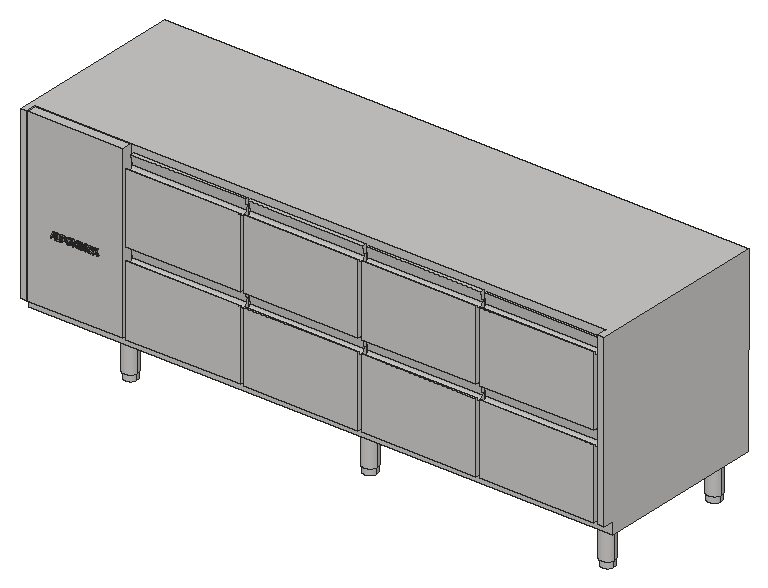
Revit family "QF_ALPENINOX_712086_AH4H7BBBB", category Specialty Equipment, Revit 2018
Family settings
  Round Connector Dimension = Use Diameter
  Part Type = Normal
  Work Plane-Based = No
  Always vertical = Yes
  Cut with Voids When Loaded = No
  Shared = No
  Room Calculation Point = No
Parameters
  Weight = 0.00 kg
  Watts = 0.0232258 W
  Volts = 220 V
  URL Manufacturer = "http://www.alpeninox.com/"
  URL = "http://www.alpeninox.com/"
  Steam Supply Size = 0 mm
  Steam Supply Minimum Pressure = 0.0 Pa
  Steam Supply Maximum Pressure = 0.0 Pa
  Steam Pounds per Hour = 0
  Show Logo [instance] = yes
  Show Clearance [instance] = yes
  Refrigeration Suction Line Size = 0 mm
  Refrigeration Liquid Line Size = 0 mm
  Refrigerant Compressor Remote = yes
  Manufacturer = "Alpeninox"
  Phase = 1
  Model = "AH4H7BBBB"
  Length Actual = 2249 mm  # constant formula
  Item Number = "712086"
  Hot Water Size = 0 mm
  Height Actual = 850 mm  # constant formula
  HP = "0.3 HP"
  Gas Size = 0 mm
  Gas KW = 0
  Gas Input Pressure = 0 W
  Description = "8 DRAWERS REFR.TABLE 590L-NO TOP"
  Depth Actual = 700 mm  # constant formula
  Cycle = 50 Hz
  Condensate Return Size = 0 mm
  Compressed Air Volume = 0.0 L/s
  Compressed Air Size = 0 mm
  Compressed Air Pressure = 0.0 Pa
  Cold Water Size = 0 mm
  Accessory = yes
Reference planes
  plane 1 "Center X": y = 182.5
  plane 2: z = 0
  plane 3 "Center Y": x = -580.5
  plane 4: y = -62.5
  plane 5: y = 451.5
  plane 6 "BACK": y = 532.5
  plane 7 "FRONT": y = -167.5
  plane 8: x = -1360
  plane 9: x = 478
  plane 10: z = 150
  plane 11 "TOP": z = 900
  plane 12: z = 850
  plane 13 "LEFT": x = -1705
  plane 14 "RIGHT": x = 544
  plane 15: x = -437
Forms (mm)
  Extrusion 1, solid, material "QF_Finishes_Stainless Steel"
    sketch origin (-580.5, 2, 0) x (0, 1, 0) y (0, 0, 1)
      loop
        line (530.5, 150) -> (530.5, 850) -> (-124.5, 850) -> (-124.5, 150) -> (530.5, 150)
    from -1124.5 to 1124.5
  Extrusion 2, solid, material "QF_Finishes_Stainless Steel"
    sketch origin (-1022.223, -1524, 150) x (-1, 0, 0) y (0, -1, 0)
      loop
        line (682.777, -1361.5) -> (657.777, -1361.5) -> (657.777, -1401.5) -> (682.777, -1401.5) -> (682.777, -1361.5)
      loop
        line (-1566.223, -1401.5) -> (-1541.223, -1401.5) -> (-1541.223, -1361.5) -> (-1566.223, -1361.5) -> (-1566.223, -1401.5)
    from 47 to 700
  Extrusion 3, solid, material "QF_Finishes_Stainless Steel"
    sketch origin (0, 0, 900) x (-1, 0, 0) y (0, -1, 0)
      loop
        circle (-57, -94.5) r 8.45
      loop
        circle (851, -94.5) r 8.45
    from -790.577 to -750
  Extrusion 4, solid, material "QF_Finishes_Stainless Steel"
    sketch origin (0, 0, 0) x (1, 0, 0) y (0, 1, 0)
      loop
        circle (-1621, 451.5) r 4
    from 109.423 to 150
Cuts and joins
  joined: Extrusion 1, Extrusion 2
Lines and regions (mm)
  symbolic lines, style "SpecialityEquipmentHiddenLines"
    curve 1: line (-1705, -122.5, 900) -> (544, -122.5, 900)
    curve 2: line (-1304, -162.5, 900) -> (-1304, -122.5, 900)
    curve 3: line (-1705, 532.5, 900) -> (544, 532.5, 900)
    curve 4: line (-1705, 532.5, 900) -> (-1705, -162.5, 900)
    curve 5: line (-1705, -162.5, 900) -> (544, -162.5, 900)
    curve 6: line (544, -162.5, 900) -> (544, 532.5, 900)
Dimensions and locks
  locked: plane 6 "BACK" to plane 7 "FRONT" at 700
  equal spacing: plane 6 "BACK", plane 1 "Center X", plane 7 "FRONT"
  locked: plane 6 "BACK" to plane 5 at 81
  plane 10 to level = 150 mm
  plane 11 "TOP" to plane 12 to plane 10 = 50 mm locked, 700 mm locked
  locked: Extrusion 2 sketch curve to Extrusion 2 sketch curve at 25  (x2)
  locked: plane 4 to plane 7 "FRONT" at 105
  locked: plane 6 "BACK" to Extrusion 3 sketch curve at 438  (x2)
  equal spacing: plane 13 "LEFT", plane 3 "Center Y", plane 14 "RIGHT"
  plane 13 "LEFT" to plane 14 "RIGHT" = 2249 mm
  locked: plane 13 "LEFT" to plane 8 at 345
  plane 15 to plane 9 to plane 14 "RIGHT" = 915 mm locked, 66 mm locked
  Extrusion 3 sketch curve to Extrusion 3 sketch curve to plane 14 "RIGHT" = 908 mm locked, 487 mm locked
  plane 13 "LEFT" to Extrusion 4 sketch curve = 84 mm
  locked: plane 6 "BACK" to Extrusion 4 sketch curve at 81
  locked: plane 10 to Extrusion 4 at 40.577
  aligned and locked: level to plane 2
  aligned and locked: plane 10 to Extrusion 3
  aligned and locked: nested 4 to plane 4
  aligned and locked: nested 1 to plane 4
  aligned and locked: nested 3 to plane 5
  aligned and locked: nested 2 to plane 5
  aligned and locked: plane 8 to nested 1
  aligned and locked: plane 8 to nested 2
  aligned and locked: plane 9 to nested 4
  aligned and locked: plane 9 to nested 3
  aligned and locked: Extrusion 1 to Extrusion 2
  aligned and locked: Extrusion 2 to Extrusion 1
  aligned and locked: Extrusion 2 sketch curve to plane 14 "RIGHT"
  aligned and locked: plane 13 "LEFT" to Extrusion 2 sketch curve
  aligned and locked: cut or joined group of Extrusion 1, Extrusion 2 to plane 10
  aligned and locked: plane 12 to cut or joined group of Extrusion 1, Extrusion 2
  aligned and locked: plane 10 to Extrusion 4
  aligned and locked: plane 15 to nested 11
  aligned and locked: plane 15 to nested 12
Automatic sketch dimensions
  plane 7 "FRONT" to Extrusion 2 sketch curve = 45 mm  (x2)
  plane 7 "FRONT" to Extrusion 2 sketch curve = 5 mm  (x2)
  curve 6 to plane 6 "BACK" = 0 mm
  curve 6 to plane 14 "RIGHT" = 0 mm
  plane 7 "FRONT" to curve 2 = 5 mm
  curve 5 to plane 13 "LEFT" = 0 mm
  plane 8 to curve 2 = 56 mm
  plane 7 "FRONT" to curve 1 = 45 mm
  Extrusion 1 sketch curve to plane 10 = 0 mm
  Extrusion 1 sketch curve to plane 12 = 0 mm
  Extrusion 1 sketch curve to plane 6 "BACK" = 0 mm
  plane 7 "FRONT" to Extrusion 1 sketch curve = 45 mm
  radius of Extrusion 4 sketch curve = 4 mm
  radius of Extrusion 3 sketch curve = 8.45 mm  (x2)
Nested families
  nested 1: "Foot_Ø50_H150" at (-1360, -62.5, 0), type "Foot_Ø50_H150"
  nested 2: "Foot_Ø50_H150" at (-1360, 451.5, 0), type "Foot_Ø50_H150"
  nested 3: "Foot_Ø50_H150" at (478, 451.5, 0), type "Foot_Ø50_H150"
  nested 4: "Foot_Ø50_H150" at (478, -62.5, 0), type "Foot_Ø50_H150"
  nested 5: "2 Drawers" at (285, -164.5, 0), Show Clearance <- "Show Clearance", type "2 Drawers"
  nested 6: "2 Drawers" at (-169, -164.5, 0), Show Clearance <- "Show Clearance", type "2 Drawers"
  nested 7: "Refrigerator" at (544, -167.5, 900), type "Refrigerator"
  nested 8: "ALP_Cooling Unit" at (-1495.5, -164.5, 0), Show Logo <- "Show Logo", type "ALP_Cooling Unit"
  nested 9: "2 Drawers" at (-623, -164.5, 0), Show Clearance <- "Show Clearance", type "2 Drawers"
  nested 10: "2 Drawers" at (-1077, -164.5, 0) x (-1, 0, 0) z (0, 0, 1), Show Clearance <- "Show Clearance", type "2 Drawers"
  nested 11: "Foot_Ø50_H150" at (-437, -62.5, 0), type "Foot_Ø50_H150"
  nested 12: "Foot_Ø50_H150" at (-437, 451.5, 0), type "Foot_Ø50_H150"
Connectors
  electrical at (-1621, 451.5, 109.423), driven by "Volts"
    settings: on Extrusion 4, index 4, voltage 220 V, apparent load 0 VA, apparent load phase1 0 VA, apparent load phase2 0 VA, apparent load phase3 0 VA, power factor 1, load classification "Altro", number of poles 1, system type 30, power factor state 1, is connector primary yes, connector utility no, sub classification motor no, connector description "Electrical Connection"
  piping at (57, 94.5, 109.423), diameter 17
    settings: on Extrusion 3, index 5, connector inside diameter 609.6 mm, connector length 0 mm, flow factor 0, pipe flow 0.0 L/s, pressure drop 0.0 Pa, fitting loss kfactor 0, connector angle 0.00°, fixture units 0, engagement length 0 mm, angle of deflection 0.00°, flow configuration 1, flow direction 2, fitting loss method 0, system type 16, joint type 0, gender type 0, connector reference index -1, connector utility 0, adjustable connector no, is connector primary yes, connector description "Drain"
  piping at (-851, 94.5, 109.423), diameter 17
    settings: on Extrusion 3, index 6, connector inside diameter 609.6 mm, connector length 0 mm, flow factor 0, pipe flow 0.0 L/s, pressure drop 0.0 Pa, fitting loss kfactor 0, connector angle 0.00°, fixture units 0, engagement length 0 mm, angle of deflection 0.00°, flow configuration 1, flow direction 2, fitting loss method 0, system type 16, joint type 0, gender type 0, connector reference index -1, connector utility 0, adjustable connector no, is connector primary no, connector description "Drain"
Definition of nested family "Foot_Ø50_H150"
  Reference planes
    plane 1 "Centro (Fronte/Retro)": y = 0
    plane 2: z = 0
    plane 3 "Centro (Sinistra/Destra)": x = 0
    plane 4: z = 150
  Forms (mm)
    Revolve 1, solid
      sketch origin (255.05, 0, 608.09) x (0, 0, 1) y (-1, 0, 0)
        loop
          line (-608.09, 255.05) -> (-608.09, 230.05) -> (-583.09, 230.05) -> (-583.09, 226.05) -> (-458.09, 226.05) -> (-458.09, 255.05) -> (-608.09, 255.05)
        axis (-608.09, 255.05) -> (-458.09, 255.05)
      angle from 0 to 360
  Dimensions and locks
    locked: Revolve 1 sketch curve to Revolve 1 sketch curve at 125
    aligned and locked: level to plane 2
    aligned and locked: plane 4 to Revolve 1 sketch curve
    aligned and locked: Revolve 1 sketch curve to level
    aligned and locked: plane 3 "Centro (Sinistra/Destra)" to Revolve 1 sketch curve
Definition of nested family "2 Drawers"
  Parameters
    Show Clearance [instance] = yes
  Reference planes
    plane 1 "FRONT": y = -3
    plane 2: z = 0
    plane 3 "Centro (Sinistra/Destra)": x = 0
    plane 4: z = 150
    plane 5: z = 850
    plane 6: x = -234
    plane 7: x = 234
    plane 8: x = -220
    plane 9: x = 220
  Forms (mm)
    Extrusion 1, solid
      sketch origin (0, 55, 511) x (0, 0, 1) y (0, -1, 0)
        loop
          line (314, 18) -> (314, 29) -> (274.395, 22.5)
          arc (274.395, 22.5) -> (260.395, 36.5) -> (274.395, 50.5) r 14
          line (274.395, 50.5) -> (274.395, 53) -> (5, 53) -> (5, 18) -> (314, 18)
        loop
          line (-5, 29) -> (-44.605, 22.5)
          arc (-44.605, 22.5) -> (-58.605, 36.5) -> (-44.605, 50.5) r 14
          line (-44.605, 50.5) -> (-44.605, 53) -> (-314, 53) -> (-314, 18) -> (-5, 18) -> (-5, 29)
      from -220 to 220
    Extrusion 2, solid, visible <- "Show Clearance", detail levels coarse
      sketch origin (0, -462, 511) x (0, 0, 1) y (0, -1, 0)
        loop
          line (-314, 109) -> (-314, -464) -> (-5, -464) -> (-5, 109) -> (-314, 109)
        loop
          line (314, -464) -> (314, 109) -> (5, 109) -> (5, -464) -> (314, -464)
      from -220 to 220
  Lines and regions (mm)
    symbolic lines
      curve 1: line (-190, -3, 0) -> (-190, -88, 0)
      curve 2: line (190, -88, 0) -> (190, -3, 0)
      curve 3: line (220, -88, 0) -> (-220, -88, 0)
      curve 4: line (-220, -88, 0) -> (-220, -123, 0)
      curve 5: line (-220, -123, 0) -> (220, -123, 0)
      curve 6: line (220, -123, 0) -> (220, -88, 0)
      curve 7: line (-190, -123, 0) -> (-190, -208, 0)
      curve 8: line (220, -208, 0) -> (-220, -208, 0)
      curve 9: line (-220, -208, 0) -> (-220, -243, 0)
      curve 10: line (-220, -243, 0) -> (220, -243, 0)
      curve 11: line (220, -243, 0) -> (220, -208, 0)
      curve 12: line (190, -208, 0) -> (190, -123, 0)
  Dimensions and locks
    aligned and locked: level to plane 2
Definition of nested family "ALP_Cooling Unit"
  Parameters
    Show Logo [instance] = yes
  Reference planes
    plane 1 "FRONT": y = -3
    plane 2: z = 0
    plane 3 "Centro (Sinistra/Destra)": x = 0
    plane 4: z = 150
    plane 5: z = 850
    plane 6: x = -184.5
    plane 7: x = 184.5
  Forms (mm)
    Extrusion 1, solid
      sketch origin (0, 55, 511) x (0, 0, 1) y (0, -1, 0)
        loop
          line (-314, 53) -> (-314, 13) -> (339, 13) -> (339, 53) -> (-314, 53)
      from -184.5 to 184.5
  Lines and regions (mm)
    Split face 1
      outline origin (0, 2, 197) x (0, 0, 1) y (-1, 0, 0)
        loop
          line (566.835, 184.5) -> (566.835, -184.5)
        loop
          line (521.835, 184.5) -> (521.835, -184.5)
    Split face 2
      outline origin (0, 2, 197) x (0, 0, 1) y (-1, 0, 0)
        loop
          line (526.835, -184.5) -> (526.835, 150.5)
          arc (526.835, 150.5) -> (544.335, 168) -> (561.835, 150.5) r 17.5
          line (561.835, 150.5) -> (561.835, -184.5)
    Split face 3
      outline origin (0, 2, 197) x (0, 0, 1) y (-1, 0, 0)
        loop
          line (555.835, 149.5) -> (532.835, 149.5) -> (532.835, 94.5) -> (555.835, 94.5) -> (555.835, 149.5)
    Split face 4
      outline origin (0, 2, 197) x (0, 0, 1) y (-1, 0, 0)
        loop
          arc (510.649, 158.547) -> (506.648, 162.548) -> (502.647, 158.547) r 4.001
          line (502.647, 158.547) -> (502.647, 116.535)
          arc (502.647, 116.535) -> (506.648, 112.533) -> (510.649, 116.535) r 4.001
          line (510.649, 116.535) -> (510.649, 158.547)
    Split face 5
      outline origin (0, 2, 184.996) x (0, 0, 1) y (-1, 0, 0)
        loop
          arc (510.649, 158.547) -> (506.648, 162.548) -> (502.647, 158.547) r 4.001
          line (502.647, 158.547) -> (502.647, 116.535)
          arc (502.647, 116.535) -> (506.648, 112.533) -> (510.649, 116.535) r 4.001
          line (510.649, 116.535) -> (510.649, 158.547)
    Split face 6
      outline origin (0, 2, 172.993) x (0, 0, 1) y (-1, 0, 0)
        loop
          arc (510.649, 158.547) -> (506.648, 162.548) -> (502.647, 158.547) r 4.001
          line (502.647, 158.547) -> (502.647, 116.535)
          arc (502.647, 116.535) -> (506.648, 112.533) -> (510.649, 116.535) r 4.001
          line (510.649, 116.535) -> (510.649, 158.547)
    Split face 7
      outline origin (0, 2, 160.989) x (0, 0, 1) y (-1, 0, 0)
        loop
          arc (510.649, 158.547) -> (506.648, 162.548) -> (502.647, 158.547) r 4.001
          line (502.647, 158.547) -> (502.647, 116.535)
          arc (502.647, 116.535) -> (506.648, 112.533) -> (510.649, 116.535) r 4.001
          line (510.649, 116.535) -> (510.649, 158.547)
    Split face 8
      outline origin (0, 2, 148.986) x (0, 0, 1) y (-1, 0, 0)
        loop
          arc (510.649, 158.547) -> (506.648, 162.548) -> (502.647, 158.547) r 4.001
          line (502.647, 158.547) -> (502.647, 116.535)
          arc (502.647, 116.535) -> (506.648, 112.533) -> (510.649, 116.535) r 4.001
          line (510.649, 116.535) -> (510.649, 158.547)
    Split face 9
      outline origin (0, 2, 136.982) x (0, 0, 1) y (-1, 0, 0)
        loop
          arc (510.649, 158.547) -> (506.648, 162.548) -> (502.647, 158.547) r 4.001
          line (502.647, 158.547) -> (502.647, 116.535)
          arc (502.647, 116.535) -> (506.648, 112.533) -> (510.649, 116.535) r 4.001
          line (510.649, 116.535) -> (510.649, 158.547)
    Split face 10
      outline origin (0, 2, 124.979) x (0, 0, 1) y (-1, 0, 0)
        loop
          arc (510.649, 158.547) -> (506.648, 162.548) -> (502.647, 158.547) r 4.001
          line (502.647, 158.547) -> (502.647, 116.535)
          arc (502.647, 116.535) -> (506.648, 112.533) -> (510.649, 116.535) r 4.001
          line (510.649, 116.535) -> (510.649, 158.547)
    Split face 11
      outline origin (0, 2, 112.975) x (0, 0, 1) y (-1, 0, 0)
        loop
          arc (510.649, 158.547) -> (506.648, 162.548) -> (502.647, 158.547) r 4.001
          line (502.647, 158.547) -> (502.647, 116.535)
          arc (502.647, 116.535) -> (506.648, 112.533) -> (510.649, 116.535) r 4.001
          line (510.649, 116.535) -> (510.649, 158.547)
    Split face 12
      outline origin (0, 2, 100.972) x (0, 0, 1) y (-1, 0, 0)
        loop
          arc (510.649, 158.547) -> (506.648, 162.548) -> (502.647, 158.547) r 4.001
          line (502.647, 158.547) -> (502.647, 116.535)
          arc (502.647, 116.535) -> (506.648, 112.533) -> (510.649, 116.535) r 4.001
          line (510.649, 116.535) -> (510.649, 158.547)
    Split face 13
      outline origin (0, 2, 88.968) x (0, 0, 1) y (-1, 0, 0)
        loop
          arc (510.649, 158.547) -> (506.648, 162.548) -> (502.647, 158.547) r 4.001
          line (502.647, 158.547) -> (502.647, 116.535)
          arc (502.647, 116.535) -> (506.648, 112.533) -> (510.649, 116.535) r 4.001
          line (510.649, 116.535) -> (510.649, 158.547)
    Split face 14
      outline origin (0, 2, 76.965) x (0, 0, 1) y (-1, 0, 0)
        loop
          arc (510.649, 158.547) -> (506.648, 162.548) -> (502.647, 158.547) r 4.001
          line (502.647, 158.547) -> (502.647, 116.535)
          arc (502.647, 116.535) -> (506.648, 112.533) -> (510.649, 116.535) r 4.001
          line (510.649, 116.535) -> (510.649, 158.547)
    Split face 15
      outline origin (0, 2, 64.961) x (0, 0, 1) y (-1, 0, 0)
        loop
          arc (510.649, 158.547) -> (506.648, 162.548) -> (502.647, 158.547) r 4.001
          line (502.647, 158.547) -> (502.647, 116.535)
          arc (502.647, 116.535) -> (506.648, 112.533) -> (510.649, 116.535) r 4.001
          line (510.649, 116.535) -> (510.649, 158.547)
    Split face 16
      outline origin (0, 2, 52.958) x (0, 0, 1) y (-1, 0, 0)
        loop
          arc (510.649, 158.547) -> (506.648, 162.548) -> (502.647, 158.547) r 4.001
          line (502.647, 158.547) -> (502.647, 116.535)
          arc (502.647, 116.535) -> (506.648, 112.533) -> (510.649, 116.535) r 4.001
          line (510.649, 116.535) -> (510.649, 158.547)
    Split face 17
      outline origin (0, 2, 40.954) x (0, 0, 1) y (-1, 0, 0)
        loop
          arc (510.649, 158.547) -> (506.648, 162.548) -> (502.647, 158.547) r 4.001
          line (502.647, 158.547) -> (502.647, 116.535)
          arc (502.647, 116.535) -> (506.648, 112.533) -> (510.649, 116.535) r 4.001
          line (510.649, 116.535) -> (510.649, 158.547)
    Split face 18
      outline origin (0, 2, 28.951) x (0, 0, 1) y (-1, 0, 0)
        loop
          arc (510.649, 158.547) -> (506.648, 162.548) -> (502.647, 158.547) r 4.001
          line (502.647, 158.547) -> (502.647, 116.535)
          arc (502.647, 116.535) -> (506.648, 112.533) -> (510.649, 116.535) r 4.001
          line (510.649, 116.535) -> (510.649, 158.547)
    Split face 19
      outline origin (0, 2, 16.947) x (0, 0, 1) y (-1, 0, 0)
        loop
          arc (510.649, 158.547) -> (506.648, 162.548) -> (502.647, 158.547) r 4.001
          line (502.647, 158.547) -> (502.647, 116.535)
          arc (502.647, 116.535) -> (506.648, 112.533) -> (510.649, 116.535) r 4.001
          line (510.649, 116.535) -> (510.649, 158.547)
    Split face 20
      outline origin (55.016, 2, 197) x (0, 0, 1) y (-1, 0, 0)
        loop
          arc (510.649, 158.547) -> (506.648, 162.548) -> (502.647, 158.547) r 4.001
          line (502.647, 158.547) -> (502.647, 116.535)
          arc (502.647, 116.535) -> (506.648, 112.533) -> (510.649, 116.535) r 4.001
          line (510.649, 116.535) -> (510.649, 158.547)
    Split face 21
      outline origin (55.016, 2, 184.996) x (0, 0, 1) y (-1, 0, 0)
        loop
          arc (510.649, 158.547) -> (506.648, 162.548) -> (502.647, 158.547) r 4.001
          line (502.647, 158.547) -> (502.647, 116.535)
          arc (502.647, 116.535) -> (506.648, 112.533) -> (510.649, 116.535) r 4.001
          line (510.649, 116.535) -> (510.649, 158.547)
    Split face 22
      outline origin (55.016, 2, 172.993) x (0, 0, 1) y (-1, 0, 0)
        loop
          arc (510.649, 158.547) -> (506.648, 162.548) -> (502.647, 158.547) r 4.001
          line (502.647, 158.547) -> (502.647, 116.535)
          arc (502.647, 116.535) -> (506.648, 112.533) -> (510.649, 116.535) r 4.001
          line (510.649, 116.535) -> (510.649, 158.547)
    Split face 23
      outline origin (55.016, 2, 160.989) x (0, 0, 1) y (-1, 0, 0)
        loop
          arc (510.649, 158.547) -> (506.648, 162.548) -> (502.647, 158.547) r 4.001
          line (502.647, 158.547) -> (502.647, 116.535)
          arc (502.647, 116.535) -> (506.648, 112.533) -> (510.649, 116.535) r 4.001
          line (510.649, 116.535) -> (510.649, 158.547)
    Split face 24
      outline origin (55.016, 2, 148.986) x (0, 0, 1) y (-1, 0, 0)
        loop
          arc (510.649, 158.547) -> (506.648, 162.548) -> (502.647, 158.547) r 4.001
          line (502.647, 158.547) -> (502.647, 116.535)
          arc (502.647, 116.535) -> (506.648, 112.533) -> (510.649, 116.535) r 4.001
          line (510.649, 116.535) -> (510.649, 158.547)
    Split face 25
      outline origin (55.016, 2, 136.982) x (0, 0, 1) y (-1, 0, 0)
        loop
          arc (510.649, 158.547) -> (506.648, 162.548) -> (502.647, 158.547) r 4.001
          line (502.647, 158.547) -> (502.647, 116.535)
          arc (502.647, 116.535) -> (506.648, 112.533) -> (510.649, 116.535) r 4.001
          line (510.649, 116.535) -> (510.649, 158.547)
    Split face 26
      outline origin (55.016, 2, 124.979) x (0, 0, 1) y (-1, 0, 0)
        loop
          arc (510.649, 158.547) -> (506.648, 162.548) -> (502.647, 158.547) r 4.001
          line (502.647, 158.547) -> (502.647, 116.535)
          arc (502.647, 116.535) -> (506.648, 112.533) -> (510.649, 116.535) r 4.001
          line (510.649, 116.535) -> (510.649, 158.547)
    Split face 27
      outline origin (55.016, 2, 112.975) x (0, 0, 1) y (-1, 0, 0)
        loop
          arc (510.649, 158.547) -> (506.648, 162.548) -> (502.647, 158.547) r 4.001
          line (502.647, 158.547) -> (502.647, 116.535)
          arc (502.647, 116.535) -> (506.648, 112.533) -> (510.649, 116.535) r 4.001
          line (510.649, 116.535) -> (510.649, 158.547)
    Split face 28
      outline origin (55.016, 2, 100.972) x (0, 0, 1) y (-1, 0, 0)
        loop
          arc (510.649, 158.547) -> (506.648, 162.548) -> (502.647, 158.547) r 4.001
          line (502.647, 158.547) -> (502.647, 116.535)
          arc (502.647, 116.535) -> (506.648, 112.533) -> (510.649, 116.535) r 4.001
          line (510.649, 116.535) -> (510.649, 158.547)
    Split face 29
      outline origin (55.016, 2, 88.968) x (0, 0, 1) y (-1, 0, 0)
        loop
          arc (510.649, 158.547) -> (506.648, 162.548) -> (502.647, 158.547) r 4.001
          line (502.647, 158.547) -> (502.647, 116.535)
          arc (502.647, 116.535) -> (506.648, 112.533) -> (510.649, 116.535) r 4.001
          line (510.649, 116.535) -> (510.649, 158.547)
    Split face 30
      outline origin (55.016, 2, 76.965) x (0, 0, 1) y (-1, 0, 0)
        loop
          arc (510.649, 158.547) -> (506.648, 162.548) -> (502.647, 158.547) r 4.001
          line (502.647, 158.547) -> (502.647, 116.535)
          arc (502.647, 116.535) -> (506.648, 112.533) -> (510.649, 116.535) r 4.001
          line (510.649, 116.535) -> (510.649, 158.547)
    Split face 31
      outline origin (55.016, 2, 64.961) x (0, 0, 1) y (-1, 0, 0)
        loop
          arc (510.649, 158.547) -> (506.648, 162.548) -> (502.647, 158.547) r 4.001
          line (502.647, 158.547) -> (502.647, 116.535)
          arc (502.647, 116.535) -> (506.648, 112.533) -> (510.649, 116.535) r 4.001
          line (510.649, 116.535) -> (510.649, 158.547)
    Split face 32
      outline origin (55.016, 2, 52.958) x (0, 0, 1) y (-1, 0, 0)
        loop
          arc (510.649, 158.547) -> (506.648, 162.548) -> (502.647, 158.547) r 4.001
          line (502.647, 158.547) -> (502.647, 116.535)
          arc (502.647, 116.535) -> (506.648, 112.533) -> (510.649, 116.535) r 4.001
          line (510.649, 116.535) -> (510.649, 158.547)
    Split face 33
      outline origin (55.016, 2, 40.954) x (0, 0, 1) y (-1, 0, 0)
        loop
          arc (510.649, 158.547) -> (506.648, 162.548) -> (502.647, 158.547) r 4.001
          line (502.647, 158.547) -> (502.647, 116.535)
          arc (502.647, 116.535) -> (506.648, 112.533) -> (510.649, 116.535) r 4.001
          line (510.649, 116.535) -> (510.649, 158.547)
    Split face 34
      outline origin (55.016, 2, 28.951) x (0, 0, 1) y (-1, 0, 0)
        loop
          arc (510.649, 158.547) -> (506.648, 162.548) -> (502.647, 158.547) r 4.001
          line (502.647, 158.547) -> (502.647, 116.535)
          arc (502.647, 116.535) -> (506.648, 112.533) -> (510.649, 116.535) r 4.001
          line (510.649, 116.535) -> (510.649, 158.547)
    Split face 35
      outline origin (55.016, 2, 16.947) x (0, 0, 1) y (-1, 0, 0)
        loop
          arc (510.649, 158.547) -> (506.648, 162.548) -> (502.647, 158.547) r 4.001
          line (502.647, 158.547) -> (502.647, 116.535)
          arc (502.647, 116.535) -> (506.648, 112.533) -> (510.649, 116.535) r 4.001
          line (510.649, 116.535) -> (510.649, 158.547)
    Split face 36
      outline origin (110.032, 2, 197) x (0, 0, 1) y (-1, 0, 0)
        loop
          arc (510.649, 158.547) -> (506.648, 162.548) -> (502.647, 158.547) r 4.001
          line (502.647, 158.547) -> (502.647, 116.535)
          arc (502.647, 116.535) -> (506.648, 112.533) -> (510.649, 116.535) r 4.001
          line (510.649, 116.535) -> (510.649, 158.547)
    Split face 37
      outline origin (110.032, 2, 184.996) x (0, 0, 1) y (-1, 0, 0)
        loop
          arc (510.649, 158.547) -> (506.648, 162.548) -> (502.647, 158.547) r 4.001
          line (502.647, 158.547) -> (502.647, 116.535)
          arc (502.647, 116.535) -> (506.648, 112.533) -> (510.649, 116.535) r 4.001
          line (510.649, 116.535) -> (510.649, 158.547)
    Split face 38
      outline origin (110.032, 2, 172.993) x (0, 0, 1) y (-1, 0, 0)
        loop
          arc (510.649, 158.547) -> (506.648, 162.548) -> (502.647, 158.547) r 4.001
          line (502.647, 158.547) -> (502.647, 116.535)
          arc (502.647, 116.535) -> (506.648, 112.533) -> (510.649, 116.535) r 4.001
          line (510.649, 116.535) -> (510.649, 158.547)
    Split face 39
      outline origin (110.032, 2, 160.989) x (0, 0, 1) y (-1, 0, 0)
        loop
          arc (510.649, 158.547) -> (506.648, 162.548) -> (502.647, 158.547) r 4.001
          line (502.647, 158.547) -> (502.647, 116.535)
          arc (502.647, 116.535) -> (506.648, 112.533) -> (510.649, 116.535) r 4.001
          line (510.649, 116.535) -> (510.649, 158.547)
    Split face 40
      outline origin (110.032, 2, 148.986) x (0, 0, 1) y (-1, 0, 0)
        loop
          arc (510.649, 158.547) -> (506.648, 162.548) -> (502.647, 158.547) r 4.001
          line (502.647, 158.547) -> (502.647, 116.535)
          arc (502.647, 116.535) -> (506.648, 112.533) -> (510.649, 116.535) r 4.001
          line (510.649, 116.535) -> (510.649, 158.547)
    Split face 41
      outline origin (110.032, 2, 136.982) x (0, 0, 1) y (-1, 0, 0)
        loop
          arc (510.649, 158.547) -> (506.648, 162.548) -> (502.647, 158.547) r 4.001
          line (502.647, 158.547) -> (502.647, 116.535)
          arc (502.647, 116.535) -> (506.648, 112.533) -> (510.649, 116.535) r 4.001
          line (510.649, 116.535) -> (510.649, 158.547)
    Split face 42
      outline origin (110.032, 2, 124.979) x (0, 0, 1) y (-1, 0, 0)
        loop
          arc (510.649, 158.547) -> (506.648, 162.548) -> (502.647, 158.547) r 4.001
          line (502.647, 158.547) -> (502.647, 116.535)
          arc (502.647, 116.535) -> (506.648, 112.533) -> (510.649, 116.535) r 4.001
          line (510.649, 116.535) -> (510.649, 158.547)
    Split face 43
      outline origin (110.032, 2, 112.975) x (0, 0, 1) y (-1, 0, 0)
        loop
          arc (510.649, 158.547) -> (506.648, 162.548) -> (502.647, 158.547) r 4.001
          line (502.647, 158.547) -> (502.647, 116.535)
          arc (502.647, 116.535) -> (506.648, 112.533) -> (510.649, 116.535) r 4.001
          line (510.649, 116.535) -> (510.649, 158.547)
    Split face 44
      outline origin (110.032, 2, 100.972) x (0, 0, 1) y (-1, 0, 0)
        loop
          arc (510.649, 158.547) -> (506.648, 162.548) -> (502.647, 158.547) r 4.001
          line (502.647, 158.547) -> (502.647, 116.535)
          arc (502.647, 116.535) -> (506.648, 112.533) -> (510.649, 116.535) r 4.001
          line (510.649, 116.535) -> (510.649, 158.547)
    Split face 45
      outline origin (110.032, 2, 88.968) x (0, 0, 1) y (-1, 0, 0)
        loop
          arc (510.649, 158.547) -> (506.648, 162.548) -> (502.647, 158.547) r 4.001
          line (502.647, 158.547) -> (502.647, 116.535)
          arc (502.647, 116.535) -> (506.648, 112.533) -> (510.649, 116.535) r 4.001
          line (510.649, 116.535) -> (510.649, 158.547)
    Split face 46
      outline origin (110.032, 2, 76.965) x (0, 0, 1) y (-1, 0, 0)
        loop
          arc (510.649, 158.547) -> (506.648, 162.548) -> (502.647, 158.547) r 4.001
          line (502.647, 158.547) -> (502.647, 116.535)
          arc (502.647, 116.535) -> (506.648, 112.533) -> (510.649, 116.535) r 4.001
          line (510.649, 116.535) -> (510.649, 158.547)
    Split face 47
      outline origin (110.032, 2, 64.961) x (0, 0, 1) y (-1, 0, 0)
        loop
          arc (510.649, 158.547) -> (506.648, 162.548) -> (502.647, 158.547) r 4.001
          line (502.647, 158.547) -> (502.647, 116.535)
          arc (502.647, 116.535) -> (506.648, 112.533) -> (510.649, 116.535) r 4.001
          line (510.649, 116.535) -> (510.649, 158.547)
    Split face 48
      outline origin (110.032, 2, 52.958) x (0, 0, 1) y (-1, 0, 0)
        loop
          arc (510.649, 158.547) -> (506.648, 162.548) -> (502.647, 158.547) r 4.001
          line (502.647, 158.547) -> (502.647, 116.535)
          arc (502.647, 116.535) -> (506.648, 112.533) -> (510.649, 116.535) r 4.001
          line (510.649, 116.535) -> (510.649, 158.547)
    Split face 49
      outline origin (110.032, 2, 40.954) x (0, 0, 1) y (-1, 0, 0)
        loop
          arc (510.649, 158.547) -> (506.648, 162.548) -> (502.647, 158.547) r 4.001
          line (502.647, 158.547) -> (502.647, 116.535)
          arc (502.647, 116.535) -> (506.648, 112.533) -> (510.649, 116.535) r 4.001
          line (510.649, 116.535) -> (510.649, 158.547)
    Split face 50
      outline origin (110.032, 2, 28.951) x (0, 0, 1) y (-1, 0, 0)
        loop
          arc (510.649, 158.547) -> (506.648, 162.548) -> (502.647, 158.547) r 4.001
          line (502.647, 158.547) -> (502.647, 116.535)
          arc (502.647, 116.535) -> (506.648, 112.533) -> (510.649, 116.535) r 4.001
          line (510.649, 116.535) -> (510.649, 158.547)
    Split face 51
      outline origin (110.032, 2, 16.947) x (0, 0, 1) y (-1, 0, 0)
        loop
          arc (510.649, 158.547) -> (506.648, 162.548) -> (502.647, 158.547) r 4.001
          line (502.647, 158.547) -> (502.647, 116.535)
          arc (502.647, 116.535) -> (506.648, 112.533) -> (510.649, 116.535) r 4.001
          line (510.649, 116.535) -> (510.649, 158.547)
    Split face 52
      outline origin (165.048, 2, 197) x (0, 0, 1) y (-1, 0, 0)
        loop
          arc (510.649, 158.547) -> (506.648, 162.548) -> (502.647, 158.547) r 4.001
          line (502.647, 158.547) -> (502.647, 116.535)
          arc (502.647, 116.535) -> (506.648, 112.533) -> (510.649, 116.535) r 4.001
          line (510.649, 116.535) -> (510.649, 158.547)
    Split face 53
      outline origin (165.048, 2, 184.996) x (0, 0, 1) y (-1, 0, 0)
        loop
          arc (510.649, 158.547) -> (506.648, 162.548) -> (502.647, 158.547) r 4.001
          line (502.647, 158.547) -> (502.647, 116.535)
          arc (502.647, 116.535) -> (506.648, 112.533) -> (510.649, 116.535) r 4.001
          line (510.649, 116.535) -> (510.649, 158.547)
    Split face 54
      outline origin (165.048, 2, 172.993) x (0, 0, 1) y (-1, 0, 0)
        loop
          arc (510.649, 158.547) -> (506.648, 162.548) -> (502.647, 158.547) r 4.001
          line (502.647, 158.547) -> (502.647, 116.535)
          arc (502.647, 116.535) -> (506.648, 112.533) -> (510.649, 116.535) r 4.001
          line (510.649, 116.535) -> (510.649, 158.547)
    Split face 55
      outline origin (165.048, 2, 160.989) x (0, 0, 1) y (-1, 0, 0)
        loop
          arc (510.649, 158.547) -> (506.648, 162.548) -> (502.647, 158.547) r 4.001
          line (502.647, 158.547) -> (502.647, 116.535)
          arc (502.647, 116.535) -> (506.648, 112.533) -> (510.649, 116.535) r 4.001
          line (510.649, 116.535) -> (510.649, 158.547)
    Split face 56
      outline origin (165.048, 2, 148.986) x (0, 0, 1) y (-1, 0, 0)
        loop
          arc (510.649, 158.547) -> (506.648, 162.548) -> (502.647, 158.547) r 4.001
          line (502.647, 158.547) -> (502.647, 116.535)
          arc (502.647, 116.535) -> (506.648, 112.533) -> (510.649, 116.535) r 4.001
          line (510.649, 116.535) -> (510.649, 158.547)
    Split face 57
      outline origin (165.048, 2, 136.982) x (0, 0, 1) y (-1, 0, 0)
        loop
          arc (510.649, 158.547) -> (506.648, 162.548) -> (502.647, 158.547) r 4.001
          line (502.647, 158.547) -> (502.647, 116.535)
          arc (502.647, 116.535) -> (506.648, 112.533) -> (510.649, 116.535) r 4.001
          line (510.649, 116.535) -> (510.649, 158.547)
    Split face 58
      outline origin (165.048, 2, 124.979) x (0, 0, 1) y (-1, 0, 0)
        loop
          arc (510.649, 158.547) -> (506.648, 162.548) -> (502.647, 158.547) r 4.001
          line (502.647, 158.547) -> (502.647, 116.535)
          arc (502.647, 116.535) -> (506.648, 112.533) -> (510.649, 116.535) r 4.001
          line (510.649, 116.535) -> (510.649, 158.547)
    Split face 59
      outline origin (165.048, 2, 112.975) x (0, 0, 1) y (-1, 0, 0)
        loop
          arc (510.649, 158.547) -> (506.648, 162.548) -> (502.647, 158.547) r 4.001
          line (502.647, 158.547) -> (502.647, 116.535)
          arc (502.647, 116.535) -> (506.648, 112.533) -> (510.649, 116.535) r 4.001
          line (510.649, 116.535) -> (510.649, 158.547)
    Split face 60
      outline origin (165.048, 2, 100.972) x (0, 0, 1) y (-1, 0, 0)
        loop
          arc (510.649, 158.547) -> (506.648, 162.548) -> (502.647, 158.547) r 4.001
          line (502.647, 158.547) -> (502.647, 116.535)
          arc (502.647, 116.535) -> (506.648, 112.533) -> (510.649, 116.535) r 4.001
          line (510.649, 116.535) -> (510.649, 158.547)
    Split face 61
      outline origin (165.048, 2, 88.968) x (0, 0, 1) y (-1, 0, 0)
        loop
          arc (510.649, 158.547) -> (506.648, 162.548) -> (502.647, 158.547) r 4.001
          line (502.647, 158.547) -> (502.647, 116.535)
          arc (502.647, 116.535) -> (506.648, 112.533) -> (510.649, 116.535) r 4.001
          line (510.649, 116.535) -> (510.649, 158.547)
    Split face 62
      outline origin (165.048, 2, 76.965) x (0, 0, 1) y (-1, 0, 0)
        loop
          arc (510.649, 158.547) -> (506.648, 162.548) -> (502.647, 158.547) r 4.001
          line (502.647, 158.547) -> (502.647, 116.535)
          arc (502.647, 116.535) -> (506.648, 112.533) -> (510.649, 116.535) r 4.001
          line (510.649, 116.535) -> (510.649, 158.547)
    Split face 63
      outline origin (165.048, 2, 64.961) x (0, 0, 1) y (-1, 0, 0)
        loop
          arc (510.649, 158.547) -> (506.648, 162.548) -> (502.647, 158.547) r 4.001
          line (502.647, 158.547) -> (502.647, 116.535)
          arc (502.647, 116.535) -> (506.648, 112.533) -> (510.649, 116.535) r 4.001
          line (510.649, 116.535) -> (510.649, 158.547)
    Split face 64
      outline origin (165.048, 2, 52.958) x (0, 0, 1) y (-1, 0, 0)
        loop
          arc (510.649, 158.547) -> (506.648, 162.548) -> (502.647, 158.547) r 4.001
          line (502.647, 158.547) -> (502.647, 116.535)
          arc (502.647, 116.535) -> (506.648, 112.533) -> (510.649, 116.535) r 4.001
          line (510.649, 116.535) -> (510.649, 158.547)
    Split face 65
      outline origin (165.048, 2, 40.954) x (0, 0, 1) y (-1, 0, 0)
        loop
          arc (510.649, 158.547) -> (506.648, 162.548) -> (502.647, 158.547) r 4.001
          line (502.647, 158.547) -> (502.647, 116.535)
          arc (502.647, 116.535) -> (506.648, 112.533) -> (510.649, 116.535) r 4.001
          line (510.649, 116.535) -> (510.649, 158.547)
    Split face 66
      outline origin (165.048, 2, 28.951) x (0, 0, 1) y (-1, 0, 0)
        loop
          arc (510.649, 158.547) -> (506.648, 162.548) -> (502.647, 158.547) r 4.001
          line (502.647, 158.547) -> (502.647, 116.535)
          arc (502.647, 116.535) -> (506.648, 112.533) -> (510.649, 116.535) r 4.001
          line (510.649, 116.535) -> (510.649, 158.547)
    Split face 67
      outline origin (165.048, 2, 16.947) x (0, 0, 1) y (-1, 0, 0)
        loop
          arc (510.649, 158.547) -> (506.648, 162.548) -> (502.647, 158.547) r 4.001
          line (502.647, 158.547) -> (502.647, 116.535)
          arc (502.647, 116.535) -> (506.648, 112.533) -> (510.649, 116.535) r 4.001
          line (510.649, 116.535) -> (510.649, 158.547)
    Split face 68
      outline origin (220.064, 2, 197) x (0, 0, 1) y (-1, 0, 0)
        loop
          arc (510.649, 158.547) -> (506.648, 162.548) -> (502.647, 158.547) r 4.001
          line (502.647, 158.547) -> (502.647, 116.535)
          arc (502.647, 116.535) -> (506.648, 112.533) -> (510.649, 116.535) r 4.001
          line (510.649, 116.535) -> (510.649, 158.547)
    Split face 69
      outline origin (220.064, 2, 184.996) x (0, 0, 1) y (-1, 0, 0)
        loop
          arc (510.649, 158.547) -> (506.648, 162.548) -> (502.647, 158.547) r 4.001
          line (502.647, 158.547) -> (502.647, 116.535)
          arc (502.647, 116.535) -> (506.648, 112.533) -> (510.649, 116.535) r 4.001
          line (510.649, 116.535) -> (510.649, 158.547)
    Split face 70
      outline origin (220.064, 2, 172.993) x (0, 0, 1) y (-1, 0, 0)
        loop
          arc (510.649, 158.547) -> (506.648, 162.548) -> (502.647, 158.547) r 4.001
          line (502.647, 158.547) -> (502.647, 116.535)
          arc (502.647, 116.535) -> (506.648, 112.533) -> (510.649, 116.535) r 4.001
          line (510.649, 116.535) -> (510.649, 158.547)
    Split face 71
      outline origin (220.064, 2, 160.989) x (0, 0, 1) y (-1, 0, 0)
        loop
          arc (510.649, 158.547) -> (506.648, 162.548) -> (502.647, 158.547) r 4.001
          line (502.647, 158.547) -> (502.647, 116.535)
          arc (502.647, 116.535) -> (506.648, 112.533) -> (510.649, 116.535) r 4.001
          line (510.649, 116.535) -> (510.649, 158.547)
    Split face 72
      outline origin (220.064, 2, 148.986) x (0, 0, 1) y (-1, 0, 0)
        loop
          arc (510.649, 158.547) -> (506.648, 162.548) -> (502.647, 158.547) r 4.001
          line (502.647, 158.547) -> (502.647, 116.535)
          arc (502.647, 116.535) -> (506.648, 112.533) -> (510.649, 116.535) r 4.001
          line (510.649, 116.535) -> (510.649, 158.547)
    Split face 73
      outline origin (220.064, 2, 136.982) x (0, 0, 1) y (-1, 0, 0)
        loop
          arc (510.649, 158.547) -> (506.648, 162.548) -> (502.647, 158.547) r 4.001
          line (502.647, 158.547) -> (502.647, 116.535)
          arc (502.647, 116.535) -> (506.648, 112.533) -> (510.649, 116.535) r 4.001
          line (510.649, 116.535) -> (510.649, 158.547)
    Split face 74
      outline origin (220.064, 2, 124.979) x (0, 0, 1) y (-1, 0, 0)
        loop
          arc (510.649, 158.547) -> (506.648, 162.548) -> (502.647, 158.547) r 4.001
          line (502.647, 158.547) -> (502.647, 116.535)
          arc (502.647, 116.535) -> (506.648, 112.533) -> (510.649, 116.535) r 4.001
          line (510.649, 116.535) -> (510.649, 158.547)
    Split face 75
      outline origin (220.064, 2, 112.975) x (0, 0, 1) y (-1, 0, 0)
        loop
          arc (510.649, 158.547) -> (506.648, 162.548) -> (502.647, 158.547) r 4.001
          line (502.647, 158.547) -> (502.647, 116.535)
          arc (502.647, 116.535) -> (506.648, 112.533) -> (510.649, 116.535) r 4.001
          line (510.649, 116.535) -> (510.649, 158.547)
    Split face 76
      outline origin (220.064, 2, 100.972) x (0, 0, 1) y (-1, 0, 0)
        loop
          arc (510.649, 158.547) -> (506.648, 162.548) -> (502.647, 158.547) r 4.001
          line (502.647, 158.547) -> (502.647, 116.535)
          arc (502.647, 116.535) -> (506.648, 112.533) -> (510.649, 116.535) r 4.001
          line (510.649, 116.535) -> (510.649, 158.547)
    Split face 77
      outline origin (220.064, 2, 88.968) x (0, 0, 1) y (-1, 0, 0)
        loop
          arc (510.649, 158.547) -> (506.648, 162.548) -> (502.647, 158.547) r 4.001
          line (502.647, 158.547) -> (502.647, 116.535)
          arc (502.647, 116.535) -> (506.648, 112.533) -> (510.649, 116.535) r 4.001
          line (510.649, 116.535) -> (510.649, 158.547)
    Split face 78
      outline origin (220.064, 2, 76.965) x (0, 0, 1) y (-1, 0, 0)
        loop
          arc (510.649, 158.547) -> (506.648, 162.548) -> (502.647, 158.547) r 4.001
          line (502.647, 158.547) -> (502.647, 116.535)
          arc (502.647, 116.535) -> (506.648, 112.533) -> (510.649, 116.535) r 4.001
          line (510.649, 116.535) -> (510.649, 158.547)
    Split face 79
      outline origin (220.064, 2, 64.961) x (0, 0, 1) y (-1, 0, 0)
        loop
          arc (510.649, 158.547) -> (506.648, 162.548) -> (502.647, 158.547) r 4.001
          line (502.647, 158.547) -> (502.647, 116.535)
          arc (502.647, 116.535) -> (506.648, 112.533) -> (510.649, 116.535) r 4.001
          line (510.649, 116.535) -> (510.649, 158.547)
    Split face 80
      outline origin (220.064, 2, 52.958) x (0, 0, 1) y (-1, 0, 0)
        loop
          arc (510.649, 158.547) -> (506.648, 162.548) -> (502.647, 158.547) r 4.001
          line (502.647, 158.547) -> (502.647, 116.535)
          arc (502.647, 116.535) -> (506.648, 112.533) -> (510.649, 116.535) r 4.001
          line (510.649, 116.535) -> (510.649, 158.547)
    Split face 81
      outline origin (220.064, 2, 40.954) x (0, 0, 1) y (-1, 0, 0)
        loop
          arc (510.649, 158.547) -> (506.648, 162.548) -> (502.647, 158.547) r 4.001
          line (502.647, 158.547) -> (502.647, 116.535)
          arc (502.647, 116.535) -> (506.648, 112.533) -> (510.649, 116.535) r 4.001
          line (510.649, 116.535) -> (510.649, 158.547)
    Split face 82
      outline origin (220.064, 2, 28.951) x (0, 0, 1) y (-1, 0, 0)
        loop
          arc (510.649, 158.547) -> (506.648, 162.548) -> (502.647, 158.547) r 4.001
          line (502.647, 158.547) -> (502.647, 116.535)
          arc (502.647, 116.535) -> (506.648, 112.533) -> (510.649, 116.535) r 4.001
          line (510.649, 116.535) -> (510.649, 158.547)
    Split face 83
      outline origin (220.064, 2, 16.947) x (0, 0, 1) y (-1, 0, 0)
        loop
          arc (510.649, 158.547) -> (506.648, 162.548) -> (502.647, 158.547) r 4.001
          line (502.647, 158.547) -> (502.647, 116.535)
          arc (502.647, 116.535) -> (506.648, 112.533) -> (510.649, 116.535) r 4.001
          line (510.649, 116.535) -> (510.649, 158.547)
    Split face 84
      outline origin (275.081, 2, 197) x (0, 0, 1) y (-1, 0, 0)
        loop
          arc (510.649, 158.547) -> (506.648, 162.548) -> (502.647, 158.547) r 4.001
          line (502.647, 158.547) -> (502.647, 116.535)
          arc (502.647, 116.535) -> (506.648, 112.533) -> (510.649, 116.535) r 4.001
          line (510.649, 116.535) -> (510.649, 158.547)
    Split face 85
      outline origin (275.081, 2, 184.996) x (0, 0, 1) y (-1, 0, 0)
        loop
          arc (510.649, 158.547) -> (506.648, 162.548) -> (502.647, 158.547) r 4.001
          line (502.647, 158.547) -> (502.647, 116.535)
          arc (502.647, 116.535) -> (506.648, 112.533) -> (510.649, 116.535) r 4.001
          line (510.649, 116.535) -> (510.649, 158.547)
    Split face 86
      outline origin (275.081, 2, 172.993) x (0, 0, 1) y (-1, 0, 0)
        loop
          arc (510.649, 158.547) -> (506.648, 162.548) -> (502.647, 158.547) r 4.001
          line (502.647, 158.547) -> (502.647, 116.535)
          arc (502.647, 116.535) -> (506.648, 112.533) -> (510.649, 116.535) r 4.001
          line (510.649, 116.535) -> (510.649, 158.547)
    Split face 87
      outline origin (275.081, 2, 160.989) x (0, 0, 1) y (-1, 0, 0)
        loop
          arc (510.649, 158.547) -> (506.648, 162.548) -> (502.647, 158.547) r 4.001
          line (502.647, 158.547) -> (502.647, 116.535)
          arc (502.647, 116.535) -> (506.648, 112.533) -> (510.649, 116.535) r 4.001
          line (510.649, 116.535) -> (510.649, 158.547)
    Split face 88
      outline origin (275.081, 2, 148.986) x (0, 0, 1) y (-1, 0, 0)
        loop
          arc (510.649, 158.547) -> (506.648, 162.548) -> (502.647, 158.547) r 4.001
          line (502.647, 158.547) -> (502.647, 116.535)
          arc (502.647, 116.535) -> (506.648, 112.533) -> (510.649, 116.535) r 4.001
          line (510.649, 116.535) -> (510.649, 158.547)
    Split face 89
      outline origin (275.081, 2, 136.982) x (0, 0, 1) y (-1, 0, 0)
        loop
          arc (510.649, 158.547) -> (506.648, 162.548) -> (502.647, 158.547) r 4.001
          line (502.647, 158.547) -> (502.647, 116.535)
          arc (502.647, 116.535) -> (506.648, 112.533) -> (510.649, 116.535) r 4.001
          line (510.649, 116.535) -> (510.649, 158.547)
    Split face 90
      outline origin (275.081, 2, 124.979) x (0, 0, 1) y (-1, 0, 0)
        loop
          arc (510.649, 158.547) -> (506.648, 162.548) -> (502.647, 158.547) r 4.001
          line (502.647, 158.547) -> (502.647, 116.535)
          arc (502.647, 116.535) -> (506.648, 112.533) -> (510.649, 116.535) r 4.001
          line (510.649, 116.535) -> (510.649, 158.547)
    Split face 91
      outline origin (275.081, 2, 112.975) x (0, 0, 1) y (-1, 0, 0)
        loop
          arc (510.649, 158.547) -> (506.648, 162.548) -> (502.647, 158.547) r 4.001
          line (502.647, 158.547) -> (502.647, 116.535)
          arc (502.647, 116.535) -> (506.648, 112.533) -> (510.649, 116.535) r 4.001
          line (510.649, 116.535) -> (510.649, 158.547)
    Split face 92
      outline origin (275.081, 2, 100.972) x (0, 0, 1) y (-1, 0, 0)
        loop
          arc (510.649, 158.547) -> (506.648, 162.548) -> (502.647, 158.547) r 4.001
          line (502.647, 158.547) -> (502.647, 116.535)
          arc (502.647, 116.535) -> (506.648, 112.533) -> (510.649, 116.535) r 4.001
          line (510.649, 116.535) -> (510.649, 158.547)
    Split face 93
      outline origin (275.081, 2, 88.968) x (0, 0, 1) y (-1, 0, 0)
        loop
          arc (510.649, 158.547) -> (506.648, 162.548) -> (502.647, 158.547) r 4.001
          line (502.647, 158.547) -> (502.647, 116.535)
          arc (502.647, 116.535) -> (506.648, 112.533) -> (510.649, 116.535) r 4.001
          line (510.649, 116.535) -> (510.649, 158.547)
    Split face 94
      outline origin (275.081, 2, 76.965) x (0, 0, 1) y (-1, 0, 0)
        loop
          arc (510.649, 158.547) -> (506.648, 162.548) -> (502.647, 158.547) r 4.001
          line (502.647, 158.547) -> (502.647, 116.535)
          arc (502.647, 116.535) -> (506.648, 112.533) -> (510.649, 116.535) r 4.001
          line (510.649, 116.535) -> (510.649, 158.547)
    Split face 95
      outline origin (275.081, 2, 64.961) x (0, 0, 1) y (-1, 0, 0)
        loop
          arc (510.649, 158.547) -> (506.648, 162.548) -> (502.647, 158.547) r 4.001
          line (502.647, 158.547) -> (502.647, 116.535)
          arc (502.647, 116.535) -> (506.648, 112.533) -> (510.649, 116.535) r 4.001
          line (510.649, 116.535) -> (510.649, 158.547)
    Split face 96
      outline origin (275.081, 2, 52.958) x (0, 0, 1) y (-1, 0, 0)
        loop
          arc (510.649, 158.547) -> (506.648, 162.548) -> (502.647, 158.547) r 4.001
          line (502.647, 158.547) -> (502.647, 116.535)
          arc (502.647, 116.535) -> (506.648, 112.533) -> (510.649, 116.535) r 4.001
          line (510.649, 116.535) -> (510.649, 158.547)
    Split face 97
      outline origin (275.081, 2, 40.954) x (0, 0, 1) y (-1, 0, 0)
        loop
          arc (510.649, 158.547) -> (506.648, 162.548) -> (502.647, 158.547) r 4.001
          line (502.647, 158.547) -> (502.647, 116.535)
          arc (502.647, 116.535) -> (506.648, 112.533) -> (510.649, 116.535) r 4.001
          line (510.649, 116.535) -> (510.649, 158.547)
    Split face 98
      outline origin (275.081, 2, 28.951) x (0, 0, 1) y (-1, 0, 0)
        loop
          arc (510.649, 158.547) -> (506.648, 162.548) -> (502.647, 158.547) r 4.001
          line (502.647, 158.547) -> (502.647, 116.535)
          arc (502.647, 116.535) -> (506.648, 112.533) -> (510.649, 116.535) r 4.001
          line (510.649, 116.535) -> (510.649, 158.547)
    Split face 99
      outline origin (275.081, 2, 16.947) x (0, 0, 1) y (-1, 0, 0)
        loop
          arc (510.649, 158.547) -> (506.648, 162.548) -> (502.647, 158.547) r 4.001
          line (502.647, 158.547) -> (502.647, 116.535)
          arc (502.647, 116.535) -> (506.648, 112.533) -> (510.649, 116.535) r 4.001
          line (510.649, 116.535) -> (510.649, 158.547)
    Split face 100
      outline origin (0, 2, -113.091) x (0, 0, 1) y (-1, 0, 0)
        loop
          arc (510.649, 158.547) -> (506.648, 162.548) -> (502.647, 158.547) r 4.001
          line (502.647, 158.547) -> (502.647, 116.535)
          arc (502.647, 116.535) -> (506.648, 112.533) -> (510.649, 116.535) r 4.001
          line (510.649, 116.535) -> (510.649, 158.547)
    Split face 101
      outline origin (0, 2, -125.094) x (0, 0, 1) y (-1, 0, 0)
        loop
          arc (510.649, 158.547) -> (506.648, 162.548) -> (502.647, 158.547) r 4.001
          line (502.647, 158.547) -> (502.647, 116.535)
          arc (502.647, 116.535) -> (506.648, 112.533) -> (510.649, 116.535) r 4.001
          line (510.649, 116.535) -> (510.649, 158.547)
    Split face 102
      outline origin (0, 2, -137.098) x (0, 0, 1) y (-1, 0, 0)
        loop
          arc (510.649, 158.547) -> (506.648, 162.548) -> (502.647, 158.547) r 4.001
          line (502.647, 158.547) -> (502.647, 116.535)
          arc (502.647, 116.535) -> (506.648, 112.533) -> (510.649, 116.535) r 4.001
          line (510.649, 116.535) -> (510.649, 158.547)
    Split face 103
      outline origin (0, 2, -149.101) x (0, 0, 1) y (-1, 0, 0)
        loop
          arc (510.649, 158.547) -> (506.648, 162.548) -> (502.647, 158.547) r 4.001
          line (502.647, 158.547) -> (502.647, 116.535)
          arc (502.647, 116.535) -> (506.648, 112.533) -> (510.649, 116.535) r 4.001
          line (510.649, 116.535) -> (510.649, 158.547)
    Split face 104
      outline origin (0, 2, -161.105) x (0, 0, 1) y (-1, 0, 0)
        loop
          arc (510.649, 158.547) -> (506.648, 162.548) -> (502.647, 158.547) r 4.001
          line (502.647, 158.547) -> (502.647, 116.535)
          arc (502.647, 116.535) -> (506.648, 112.533) -> (510.649, 116.535) r 4.001
          line (510.649, 116.535) -> (510.649, 158.547)
    Split face 105
      outline origin (0, 2, -173.108) x (0, 0, 1) y (-1, 0, 0)
        loop
          arc (510.649, 158.547) -> (506.648, 162.548) -> (502.647, 158.547) r 4.001
          line (502.647, 158.547) -> (502.647, 116.535)
          arc (502.647, 116.535) -> (506.648, 112.533) -> (510.649, 116.535) r 4.001
          line (510.649, 116.535) -> (510.649, 158.547)
    Split face 106
      outline origin (0, 2, -185.112) x (0, 0, 1) y (-1, 0, 0)
        loop
          arc (510.649, 158.547) -> (506.648, 162.548) -> (502.647, 158.547) r 4.001
          line (502.647, 158.547) -> (502.647, 116.535)
          arc (502.647, 116.535) -> (506.648, 112.533) -> (510.649, 116.535) r 4.001
          line (510.649, 116.535) -> (510.649, 158.547)
    Split face 107
      outline origin (0, 2, -197.115) x (0, 0, 1) y (-1, 0, 0)
        loop
          arc (510.649, 158.547) -> (506.648, 162.548) -> (502.647, 158.547) r 4.001
          line (502.647, 158.547) -> (502.647, 116.535)
          arc (502.647, 116.535) -> (506.648, 112.533) -> (510.649, 116.535) r 4.001
          line (510.649, 116.535) -> (510.649, 158.547)
    Split face 108
      outline origin (0, 2, -209.119) x (0, 0, 1) y (-1, 0, 0)
        loop
          arc (510.649, 158.547) -> (506.648, 162.548) -> (502.647, 158.547) r 4.001
          line (502.647, 158.547) -> (502.647, 116.535)
          arc (502.647, 116.535) -> (506.648, 112.533) -> (510.649, 116.535) r 4.001
          line (510.649, 116.535) -> (510.649, 158.547)
    Split face 109
      outline origin (0, 2, -221.122) x (0, 0, 1) y (-1, 0, 0)
        loop
          arc (510.649, 158.547) -> (506.648, 162.548) -> (502.647, 158.547) r 4.001
          line (502.647, 158.547) -> (502.647, 116.535)
          arc (502.647, 116.535) -> (506.648, 112.533) -> (510.649, 116.535) r 4.001
          line (510.649, 116.535) -> (510.649, 158.547)
    Split face 110
      outline origin (0, 2, -233.126) x (0, 0, 1) y (-1, 0, 0)
        loop
          arc (510.649, 158.547) -> (506.648, 162.548) -> (502.647, 158.547) r 4.001
          line (502.647, 158.547) -> (502.647, 116.535)
          arc (502.647, 116.535) -> (506.648, 112.533) -> (510.649, 116.535) r 4.001
          line (510.649, 116.535) -> (510.649, 158.547)
    Split face 111
      outline origin (0, 2, -245.129) x (0, 0, 1) y (-1, 0, 0)
        loop
          arc (510.649, 158.547) -> (506.648, 162.548) -> (502.647, 158.547) r 4.001
          line (502.647, 158.547) -> (502.647, 116.535)
          arc (502.647, 116.535) -> (506.648, 112.533) -> (510.649, 116.535) r 4.001
          line (510.649, 116.535) -> (510.649, 158.547)
    Split face 112
      outline origin (0, 2, -257.133) x (0, 0, 1) y (-1, 0, 0)
        loop
          arc (510.649, 158.547) -> (506.648, 162.548) -> (502.647, 158.547) r 4.001
          line (502.647, 158.547) -> (502.647, 116.535)
          arc (502.647, 116.535) -> (506.648, 112.533) -> (510.649, 116.535) r 4.001
          line (510.649, 116.535) -> (510.649, 158.547)
    Split face 113
      outline origin (0, 2, -269.136) x (0, 0, 1) y (-1, 0, 0)
        loop
          arc (510.649, 158.547) -> (506.648, 162.548) -> (502.647, 158.547) r 4.001
          line (502.647, 158.547) -> (502.647, 116.535)
          arc (502.647, 116.535) -> (506.648, 112.533) -> (510.649, 116.535) r 4.001
          line (510.649, 116.535) -> (510.649, 158.547)
    Split face 114
      outline origin (0, 2, -281.14) x (0, 0, 1) y (-1, 0, 0)
        loop
          arc (510.649, 158.547) -> (506.648, 162.548) -> (502.647, 158.547) r 4.001
          line (502.647, 158.547) -> (502.647, 116.535)
          arc (502.647, 116.535) -> (506.648, 112.533) -> (510.649, 116.535) r 4.001
          line (510.649, 116.535) -> (510.649, 158.547)
    Split face 115
      outline origin (0, 2, -293.144) x (0, 0, 1) y (-1, 0, 0)
        loop
          arc (510.649, 158.547) -> (506.648, 162.548) -> (502.647, 158.547) r 4.001
          line (502.647, 158.547) -> (502.647, 116.535)
          arc (502.647, 116.535) -> (506.648, 112.533) -> (510.649, 116.535) r 4.001
          line (510.649, 116.535) -> (510.649, 158.547)
    Split face 116
      outline origin (55.016, 2, -113.091) x (0, 0, 1) y (-1, 0, 0)
        loop
          arc (510.649, 158.547) -> (506.648, 162.548) -> (502.647, 158.547) r 4.001
          line (502.647, 158.547) -> (502.647, 116.535)
          arc (502.647, 116.535) -> (506.648, 112.533) -> (510.649, 116.535) r 4.001
          line (510.649, 116.535) -> (510.649, 158.547)
    Split face 117
      outline origin (55.016, 2, -125.094) x (0, 0, 1) y (-1, 0, 0)
        loop
          arc (510.649, 158.547) -> (506.648, 162.548) -> (502.647, 158.547) r 4.001
          line (502.647, 158.547) -> (502.647, 116.535)
          arc (502.647, 116.535) -> (506.648, 112.533) -> (510.649, 116.535) r 4.001
          line (510.649, 116.535) -> (510.649, 158.547)
    Split face 118
      outline origin (55.016, 2, -137.098) x (0, 0, 1) y (-1, 0, 0)
        loop
          arc (510.649, 158.547) -> (506.648, 162.548) -> (502.647, 158.547) r 4.001
          line (502.647, 158.547) -> (502.647, 116.535)
          arc (502.647, 116.535) -> (506.648, 112.533) -> (510.649, 116.535) r 4.001
          line (510.649, 116.535) -> (510.649, 158.547)
    Split face 119
      outline origin (55.016, 2, -149.101) x (0, 0, 1) y (-1, 0, 0)
        loop
          arc (510.649, 158.547) -> (506.648, 162.548) -> (502.647, 158.547) r 4.001
          line (502.647, 158.547) -> (502.647, 116.535)
          arc (502.647, 116.535) -> (506.648, 112.533) -> (510.649, 116.535) r 4.001
          line (510.649, 116.535) -> (510.649, 158.547)
    Split face 120
      outline origin (55.016, 2, -161.105) x (0, 0, 1) y (-1, 0, 0)
        loop
          arc (510.649, 158.547) -> (506.648, 162.548) -> (502.647, 158.547) r 4.001
          line (502.647, 158.547) -> (502.647, 116.535)
          arc (502.647, 116.535) -> (506.648, 112.533) -> (510.649, 116.535) r 4.001
          line (510.649, 116.535) -> (510.649, 158.547)
    Split face 121
      outline origin (55.016, 2, -173.108) x (0, 0, 1) y (-1, 0, 0)
        loop
          arc (510.649, 158.547) -> (506.648, 162.548) -> (502.647, 158.547) r 4.001
          line (502.647, 158.547) -> (502.647, 116.535)
          arc (502.647, 116.535) -> (506.648, 112.533) -> (510.649, 116.535) r 4.001
          line (510.649, 116.535) -> (510.649, 158.547)
    Split face 122
      outline origin (55.016, 2, -185.112) x (0, 0, 1) y (-1, 0, 0)
        loop
          arc (510.649, 158.547) -> (506.648, 162.548) -> (502.647, 158.547) r 4.001
          line (502.647, 158.547) -> (502.647, 116.535)
          arc (502.647, 116.535) -> (506.648, 112.533) -> (510.649, 116.535) r 4.001
          line (510.649, 116.535) -> (510.649, 158.547)
    Split face 123
      outline origin (55.016, 2, -197.115) x (0, 0, 1) y (-1, 0, 0)
        loop
          arc (510.649, 158.547) -> (506.648, 162.548) -> (502.647, 158.547) r 4.001
          line (502.647, 158.547) -> (502.647, 116.535)
          arc (502.647, 116.535) -> (506.648, 112.533) -> (510.649, 116.535) r 4.001
          line (510.649, 116.535) -> (510.649, 158.547)
    Split face 124
      outline origin (55.016, 2, -209.119) x (0, 0, 1) y (-1, 0, 0)
        loop
          arc (510.649, 158.547) -> (506.648, 162.548) -> (502.647, 158.547) r 4.001
          line (502.647, 158.547) -> (502.647, 116.535)
          arc (502.647, 116.535) -> (506.648, 112.533) -> (510.649, 116.535) r 4.001
          line (510.649, 116.535) -> (510.649, 158.547)
    Split face 125
      outline origin (55.016, 2, -221.122) x (0, 0, 1) y (-1, 0, 0)
        loop
          arc (510.649, 158.547) -> (506.648, 162.548) -> (502.647, 158.547) r 4.001
          line (502.647, 158.547) -> (502.647, 116.535)
          arc (502.647, 116.535) -> (506.648, 112.533) -> (510.649, 116.535) r 4.001
          line (510.649, 116.535) -> (510.649, 158.547)
    Split face 126
      outline origin (55.016, 2, -233.126) x (0, 0, 1) y (-1, 0, 0)
        loop
          arc (510.649, 158.547) -> (506.648, 162.548) -> (502.647, 158.547) r 4.001
          line (502.647, 158.547) -> (502.647, 116.535)
          arc (502.647, 116.535) -> (506.648, 112.533) -> (510.649, 116.535) r 4.001
          line (510.649, 116.535) -> (510.649, 158.547)
    Split face 127
      outline origin (55.016, 2, -245.129) x (0, 0, 1) y (-1, 0, 0)
        loop
          arc (510.649, 158.547) -> (506.648, 162.548) -> (502.647, 158.547) r 4.001
          line (502.647, 158.547) -> (502.647, 116.535)
          arc (502.647, 116.535) -> (506.648, 112.533) -> (510.649, 116.535) r 4.001
          line (510.649, 116.535) -> (510.649, 158.547)
    Split face 128
      outline origin (55.016, 2, -257.133) x (0, 0, 1) y (-1, 0, 0)
        loop
          arc (510.649, 158.547) -> (506.648, 162.548) -> (502.647, 158.547) r 4.001
          line (502.647, 158.547) -> (502.647, 116.535)
          arc (502.647, 116.535) -> (506.648, 112.533) -> (510.649, 116.535) r 4.001
          line (510.649, 116.535) -> (510.649, 158.547)
    Split face 129
      outline origin (55.016, 2, -269.136) x (0, 0, 1) y (-1, 0, 0)
        loop
          arc (510.649, 158.547) -> (506.648, 162.548) -> (502.647, 158.547) r 4.001
          line (502.647, 158.547) -> (502.647, 116.535)
          arc (502.647, 116.535) -> (506.648, 112.533) -> (510.649, 116.535) r 4.001
          line (510.649, 116.535) -> (510.649, 158.547)
    Split face 130
      outline origin (55.016, 2, -281.14) x (0, 0, 1) y (-1, 0, 0)
        loop
          arc (510.649, 158.547) -> (506.648, 162.548) -> (502.647, 158.547) r 4.001
          line (502.647, 158.547) -> (502.647, 116.535)
